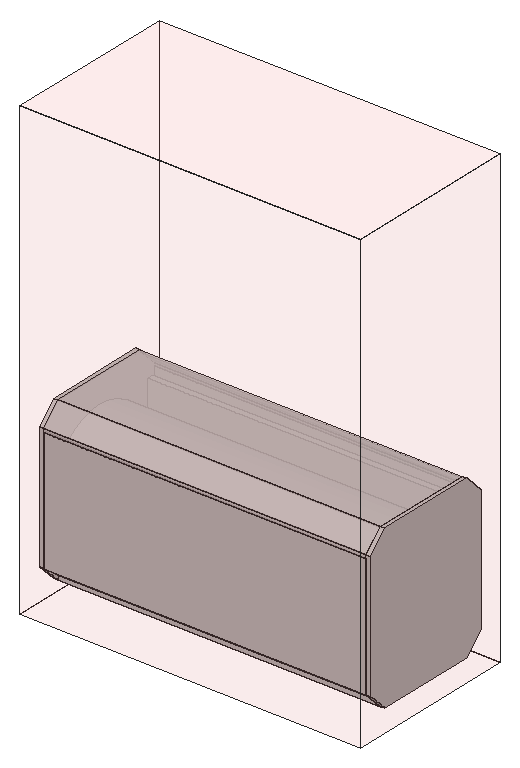
Revit family "Air-Curtain_Vestibule-Except_PoweredAire_ETA", category Mechanical Equipment, host Face, Revit 2020
Family settings
  Host = Face
  Round Connector Dimension = Use Diameter
  Part Type = Normal
  OmniClass Number = 23.75.35.17.21
  OmniClass Title = Air Curtains
  Cut with Voids When Loaded = No
  Shared = No
  Room Calculation Point = No
Parameters
  Warranty Duration (Years) = 0
  Unit Width Notes = "Other Widths available."  # constant formula
  Unit Width = 3' - 0"
  Unit Weight = 0
  Unit Height = 1' - 3"
  Unit Depth = 1' - 5 1/2"
  URL = "http://www.poweredaire.com/"
  Test Data = ""
  Standards Conformance = "as Specified"
  Specification = "http://www.arcat.com/sdspecs/htm04/23_34_33pai.htm"
  SpecWizard = ""
  Sound Pressure = "as Specified"
  Sales Information = "http://www.poweredaire.com/contact_us"
  Revision = "R1_2016-08"
  Projection from Host [instance] = 0' - 2"
  Product Properties = ""
  Product Data = "http://www.arcat.com/arcatcos/cos47/arc47623.html"
  Power Rating = 0 W
  Nozzle Width = if(1 = 1, Unit Width - 0' 1", 0' 0")  # 2' - 11"
  Mounting Width = if(1 = 1, Unit Width - 0' 0 15/16", 0' 0")  # 2' - 11 1/16"
  Mounting Height [instance] = 3' - 6"
  Motor RPM = 0
  Motor HP = 0
  Motor Count = 0
  Model = "As Specified"
  Max Height = 0' - 0"
  Manufacturer Website = "http://www.poweredaire.com/"
  Manufacturer Phone - Toll Free = "888-321-2473"
  Manufacturer Phone = "724-588-3305"
  Manufacturer Fax = "724-588-3371"
  Manufacturer Address = "109 Mortensen Rd.  Greenville, PA 16125"
  Manufacturer = "Powered Aire, Inc"
  Maintenance Schedule (Months) = 0
  Keynote = "23 34 33"
  Installation-Fabrication = ""
  Installation Phase = ""
  Include Clearance [instance] = yes
  Heating Element Load = 0 W
  HVAC_Temperature Rise = 0 °F
  HVAC_Outlet Volume = 0 CFM
  HVAC_Outlet Velocity Uniformity = 0
  HVAC_Outlet Velocity = 0 FPM
  Green Building-LEED = "http://www.arcat.com/green/clients/leed_data_47623.html"
  Front Grating Material [instance] = Metal - Steel - PoweredAire - Stainless 304 Perforated
  Frame Finish [instance] = Metal - Steel - PoweredAire - Stainless 304
  Expected Lifespan (Years) = 0
  Electrical_Wattage [instance] = Power Rating + Heating Element Load  # 0 W
  Electrical_Voltage [instance] = 0 V
  Electrical_Phase [instance] = 1
  Electrical_Frequency [instance] = 0 Hz
  Electrical_Amperage [instance] = 0 A
  Drawn By = "Sumex Design, Inc. / Robert S. Weygant, CSI, CDT, SCIP"
  Description = "Powered Aire Air Curtain as Specified"
  Default Elevation = 0' - 0"  # constant formula
  Copyright = "©Arcat Inc."
  Construction Details = "http://www.arcat.com/details/powair/prod3336.html"
  Clearance_Top [instance] = 0' - 2"
  Clearance_Side B [instance] = 0' - 0 1/2"
  Clearance_Side A [instance] = 0' - 0 1/2"
  Clearance_Intake [instance] = 2' - 6"
  Clearance_Bottom [instance] = 0' - 2"
  Clearance Material [instance] = ARCAT Clearance
  Building Codes = ""
  Available Options [instance] = "as Specified"
  Assembly Code = "D3090400"
Reference planes (in)
  plane 1 "Center (Elevation)": y = 0.13818
  plane 2: z = 0
  plane 3 "Center (Left/Right)": x = 0
  plane 4: y = 7.63818
  plane 5: y = -7.36182
  plane 6: x = -18
  plane 7: x = 18
  plane 8: z = 19.5
  plane 9 "FF": y = -41.86182
  plane 10: z = 2
  plane 11: x = 17.5
  plane 12: x = -17.5
  plane 13: y = 9.63818
  plane 14: y = -9.36182
  plane 15: x = -18.5
  plane 16: x = 18.5
  plane 17: z = 49.5
Forms (in)
  Extrusion 1, solid, material "Metal - Steel - PoweredAire - Stainless 304" <- "Frame Finish"
    sketch origin (0, 0, 0) x (0, 1, 0) y (0, 0, 1)
      loop
        line (5.69363, 2) -> (7.63818, 3.94454) -> (7.63818, 17.55546) -> (5.69363, 19.5) -> (-5.41728, 19.5) -> (-7.36182, 17.55546) -> (-7.36182, 3.94454) -> (-5.41728, 2) -> (5.69363, 2)
    from 17.5 to 18
  Extrusion 2, solid, material "Metal - Steel - PoweredAire - Stainless 304" <- "Frame Finish"
    sketch origin (0, 0, -0.5) x (0, 1, 0) y (0, 0, 1)
      loop
        circle (0.13818, 10.9739) r 6.25
      loop
        line (6.63818, 16.89427) -> (6.63818, 5.87829) -> (7.33849, 5.87829) -> (7.33849, 16.89427) -> (6.63818, 16.89427)
      loop
        line (-7.02798, 16.76927) -> (-7.02798, 5.75329) -> (-6.36182, 5.75329) -> (-6.36182, 16.76927) -> (-7.02798, 16.76927)
    from -17.5 to 17.5
  Extrusion 3, solid, material "Metal - Steel - PoweredAire - Stainless 304" <- "Frame Finish"
    sketch origin (0, 0, 0) x (0, 1, 0) y (0, 0, -1)
      loop
        line (5.69363, -2) -> (-5.41728, -2) -> (-7.36182, -3.94454) -> (-7.36182, -17.55546) -> (-5.41728, -19.5) -> (5.69363, -19.5) -> (7.63818, -17.55546) -> (7.63818, -3.94454) -> (5.69363, -2)
    from 17.5 to 18
  Extrusion 4, solid, material "Metal - Steel - PoweredAire - Stainless 304" <- "Frame Finish"
    sketch origin (0, 0, 0) x (0, 1, 0) y (0, 0, 1)
      loop
        line (-5.41728, 2) -> (5.69363, 2) -> (7.63818, 3.94454) -> (7.63818, 17.19454) -> (7.51318, 17.19454) -> (7.51318, 3.99632) -> (5.64186, 2.125) -> (-5.29228, 2.125) -> (-5.29228, 4.06954) -> (-7.23682, 4.06954) -> (-7.23682, 17.19454) -> (-7.36182, 17.19454) -> (-7.36182, 3.94454) -> (-5.41728, 3.94454) -> (-5.41728, 2)
      loop
        line (-6.64819, 3.61034) -> (-5.8702, 2.83235) -> (-5.74472, 2.95783) -> (-6.52271, 3.73583) -> (-6.64819, 3.61034)
    from -17.5 to 17.5
  Extrusion 5, solid, material "Metal - Steel - PoweredAire - Stainless 304 Perforated" <- "Front Grating Material"
    sketch origin (0, 0, 0) x (0, 1, 0) y (0, 0, 1)
      loop
        line (-7.36182, 17.19454) -> (-7.23682, 17.19454) -> (-7.23682, 17.50368) -> (-5.3655, 19.375) -> (5.64186, 19.375) -> (7.51318, 17.50368) -> (7.51318, 17.19454) -> (7.63818, 17.19454) -> (7.63818, 17.55546) -> (5.69363, 19.5) -> (-5.41728, 19.5) -> (-7.36182, 17.55546) -> (-7.36182, 17.19454)
    from -17.5 to 17.5
  Extrusion 6, solid, material "ARCAT Clearance" <- "Clearance Material", visible <- "Include Clearance"
    sketch origin (0, 0, 0) x (0, 1, 0) y (0, 0, 1)
      loop
        line (-9.36182, 49.5) -> (-9.36182, 0) -> (9.63818, 0) -> (9.63818, 49.5) -> (-9.36182, 49.5)
    from -18.5 to 18.5
Dimensions and locks (in)
  equal spacing: plane 4, plane 1 "Center (Elevation)", plane 5
  "Unit Height": plane 4 to plane 5
  equal spacing: plane 6, plane 3 "Center (Left/Right)", plane 7
  "Unit Width": plane 6 to plane 7
  "Mounting Height": plane 1 "Center (Elevation)" to plane 9 "FF"
  "Projection from Host": plane 10 to level
  "Unit Depth": plane 8 to plane 10
  locked: plane 6 to plane 12 at 0.5
  locked: plane 11 to plane 7 at 0.5
  "Clearance_Side A": plane 7 to plane 16
  "Clearance_Side B": plane 15 to plane 6
  "Clearance_Top": plane 13 to plane 4
  "Clearance_Bottom": plane 5 to plane 14
  "Clearance_Intake": plane 17 to plane 8
  aligned and locked: plane 2 to host face
  aligned and locked: level to host face
  aligned and locked: plane 7 to Extrusion 1
  aligned and locked: Extrusion 1 to plane 11
  aligned and locked: plane 12 to Extrusion 3
  aligned and locked: Extrusion 3 to plane 6
  aligned and locked: Extrusion 2 to plane 12
  aligned and locked: plane 11 to Extrusion 2
  aligned and locked: plane 11 to Extrusion 4
  aligned and locked: Extrusion 4 to plane 12
  aligned and locked: plane 11 to Extrusion 5
  aligned and locked: Extrusion 5 to plane 12
  aligned and locked: Extrusion 6 sketch curve to plane 17
  aligned and locked: plane 14 to Extrusion 6 sketch curve
  aligned and locked: level to Extrusion 6 sketch curve
  aligned and locked: Extrusion 6 sketch curve to plane 13
  aligned and locked: plane 16 to Extrusion 6
  aligned and locked: Extrusion 6 to plane 15
Automatic sketch dimensions
  host sketch curve to host sketch curve = 8' - 0"  (x2)
  Extrusion 1 sketch curve to plane 5 = 0' - 0"
  Extrusion 1 sketch curve to plane 8 = 0' - 0"
  Extrusion 1 sketch curve to plane 10 = 0' - 0"
  Extrusion 1 sketch curve to plane 4 = 0' - 0"
  plane 5 to Extrusion 1 sketch curve = 0' - 1.94454"  (x2)
  Extrusion 1 sketch curve to plane 4 = 0' - 1.94454"  (x2)
  plane 10 to Extrusion 1 sketch curve = 0' - 1.94454"  (x2)
  Extrusion 1 sketch curve to plane 8 = 0' - 1.94454"  (x2)
  Extrusion 2 sketch curve to plane 1 "Center (Elevation)" = 0' - 0"
  plane 5 to Extrusion 2 sketch curve = 0' - 1"
  plane 5 to Extrusion 2 sketch curve = 0' - 0.33384"
  Extrusion 2 sketch curve to plane 4 = 0' - 1"
  Extrusion 2 sketch curve to plane 4 = 0' - 0.29969"
  plane 10 to Extrusion 2 sketch curve = 0' - 3.37829"
  plane 10 to Extrusion 2 sketch curve = 0' - 3.25329"
  Extrusion 2 sketch curve to plane 8 = 0' - 9.0261"
  Extrusion 2 sketch curve to plane 8 = 0' - 3.23073"
  Extrusion 2 sketch curve to plane 8 = 0' - 3.10573"
  Extrusion 3 sketch curve to plane 5 = 0' - 0"
  Extrusion 3 sketch curve to plane 8 = 0' - 0"
  Extrusion 3 sketch curve to plane 10 = 0' - 0"
  Extrusion 3 sketch curve to plane 4 = 0' - 0"
  plane 5 to Extrusion 3 sketch curve = 0' - 1.94454"  (x2)
  Extrusion 3 sketch curve to plane 4 = 0' - 1.94454"  (x2)
  Extrusion 3 sketch curve to plane 8 = 0' - 1.94454"  (x2)
  plane 10 to Extrusion 3 sketch curve = 0' - 1.94454"  (x2)
  Extrusion 4 sketch curve to plane 5 = 0' - 0"
  Extrusion 4 sketch curve to plane 10 = 0' - 0"
  Extrusion 4 sketch curve to plane 4 = 0' - 0"
  plane 5 to Extrusion 4 sketch curve = 0' - 0 1/8"
  plane 5 to Extrusion 4 sketch curve = 0' - 0.71363"
  Extrusion 4 sketch curve to Extrusion 4 sketch curve = 0' - 0.12548"  (x2)
  Extrusion 4 sketch curve to Extrusion 4 sketch curve = 0' - 0.778"
  Extrusion 4 sketch curve to Extrusion 4 sketch curve = 0' - 0.32744"
  Extrusion 4 sketch curve to Extrusion 4 sketch curve = 0' - 0 1/8"  (x2)
  plane 10 to Extrusion 4 sketch curve = 0' - 0 1/8"
  Extrusion 4 sketch curve to plane 4 = 0' - 1.99632"
  Extrusion 4 sketch curve to Extrusion 4 sketch curve = 0' - 0.05178"  (x2)
  plane 10 to Extrusion 4 sketch curve = 0' - 0.83235"
  plane 10 to Extrusion 4 sketch curve = 0' - 1.94454"
  Extrusion 4 sketch curve to Extrusion 4 sketch curve = 0' - 0.3342"
  Extrusion 4 sketch curve to plane 4 = 0' - 0 1/8"
  Extrusion 4 sketch curve to plane 8 = 0' - 2.30546"  (x2)
  Extrusion 5 sketch curve to plane 5 = 0' - 0"
  Extrusion 5 sketch curve to plane 8 = 0' - 0"
  Extrusion 5 sketch curve to plane 4 = 0' - 0"
  plane 5 to Extrusion 5 sketch curve = 0' - 0 1/8"
  plane 5 to Extrusion 5 sketch curve = 0' - 1.94454"
  Extrusion 5 sketch curve to plane 8 = 0' - 0 1/8"
  Extrusion 5 sketch curve to Extrusion 5 sketch curve = 0' - 0.05178"  (x4)
  Extrusion 5 sketch curve to plane 4 = 0' - 1.99632"
  Extrusion 5 sketch curve to plane 8 = 0' - 1.94454"  (x2)
  Extrusion 5 sketch curve to Extrusion 5 sketch curve = 0' - 0 1/8"
  Extrusion 5 sketch curve to Extrusion 5 sketch curve = 0' - 0.30914"  (x2)
  radius of Extrusion 2 sketch curve = 0' - 6 1/4"
Connectors (in)
  electrical at (0, 7.63818, 10.56954), driven by "Electrical_Phase", driven by "Electrical_Voltage"
    settings: on Extrusion 4, index 1, voltage 0 V, apparent load 0 VA, apparent load phase1 0 VA, apparent load phase2 0 VA, apparent load phase3 0 VA, power factor 1, load classification "Motor", number of poles 1, system type 31, power factor state 1, is connector primary yes, connector utility no, sub classification motor no, connector description ""
